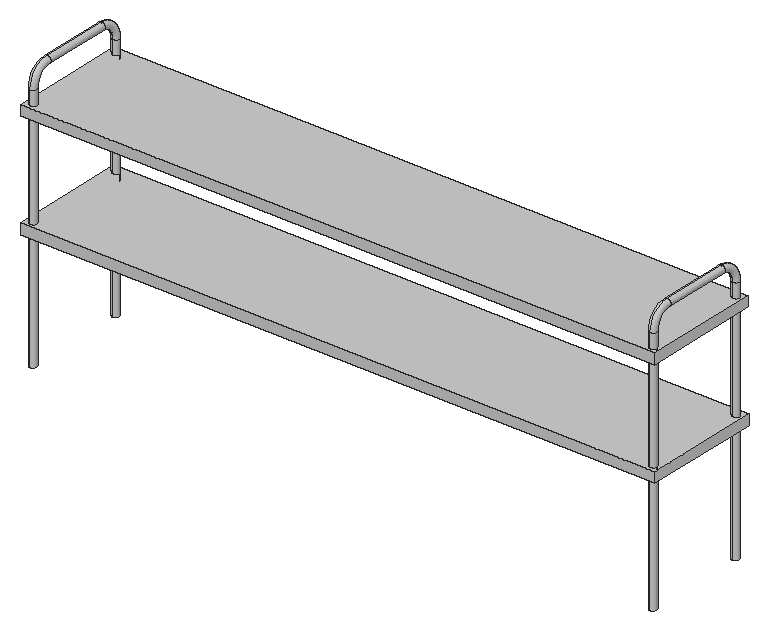
Revit family "QF_INOMAK_RD318_250610014250", category Specialty Equipment, Revit 2021
Family settings
  Round Connector Dimension = Use Diameter
  Part Type = Normal
  OmniClass Number = 23.40.40.14
  OmniClass Title = Food Service Equipment
  Work Plane-Based = No
  Always vertical = Yes
  Cut with Voids When Loaded = No
  Shared = No
  Room Calculation Point = No
Parameters (values of type "RD318")
  Weight [instance] = 18.00 kg
  Warranty Start Date [instance] = ""
  Warranty Duration [instance] = ""
  URL Recommended Spares List [instance] = ""
  URL Manufacturer [instance] = ""
  URL Cutsheet [instance] = ""
  URL Critical Spares List [instance] = ""
  URL = "www.inomak.com"
  Technical Documentation [instance] = ""
  Tag Number [instance] = ""
  Status [instance] = ""
  Specification by User [instance] = ""
  Specification by Manufacturer [instance] = ""
  Sound Level [instance] = ""
  Show Logo [instance] = yes
  Show Clearances [instance] = yes
  Service Life Duration [instance] = ""
  Serial Number [instance] = ""
  Seismic Rating [instance] = ""
  SMACNA No [instance] = ""
  Revision Code [instance] = ""
  Revision [instance] = ""
  Production Year [instance] = ""
  Point Load [instance] = 0
  Other Equipment Approvals [instance] = ""
  NAFEM Spec ID Number [instance] = ""
  Model Warning [instance] = ""
  Model = "RD318"
  Masterspec [instance] = ""
  Manufacturer = "INOMAK"
  Length Actual [instance] = 1792 mm
  Item Number [instance] = ""
  Installed By [instance] = ""
  Installation Date [instance] = ""
  Identify Quantity as Lot [instance] = no
  ID [instance] = ""
  Hygiene Approval [instance] = ""
  Height Actual [instance] = 763 mm
  Furnished By [instance] = ""
  Foodservice Equipment Identifier [instance] = no
  ETL Approved [instance] = no
  Description = "TOP FITTED DOUBLE SHELF"
  Depth Actual [instance] = 332 mm
  Default Elevation = 0 mm
  Cost = 0
  CSI MasterFormat [instance] = ""
  CE Approved [instance] = no
  Barcode [instance] = 0
  Author [instance] = ""
  Asset Identifier [instance] = ""
  Accessory [instance] = no
Reference planes
  plane 1 "Center (Front/Back)": y = 0
  plane 2: z = 0
  plane 3 "Center (Left/Right)": x = 0
Dimensions and locks
  aligned and locked: level to plane 2
Nested families
  nested 1: "QF_INOMAK_GANTRIES_DOUBLE_SHELF_2920" at (0, 0, 0), type "RD318"
    with Weight 18.00 kg, Warranty Start Date "", Warranty Duration "", URL Cutsheet "", Technical Documentation "", Tag Number "", Status "", Specification by User "", Specification by Manufacturer "", Sound Level "", Solid Fuel Type "", Show Logo yes, Show Clearances yes, Service Life Duration "", Serial Number "", Seismic Rating "", SMACNA No "", Revision Code "", Revision "", Production Year "", Point Load 0, Other Equipment Approvals "", NAFEM Spec ID Number "", Model Warning "", Masterspec "", Length Actual 1792 mm, Item Number "", Installed By "", Installation Date "", Identify Quantity as Lot yes, ID "", Hygiene Approval "", Height Actual 763 mm, Furnished By "", Foodservice Equipment Identifier yes, ETL Approved yes, Depth Actual 332 mm, CSI MasterFormat "", CE Approved yes, Barcode "", Author "", Asset Identifier "", Accessory no
Definition of nested family "QF_INOMAK_GANTRIES_DOUBLE_SHELF_2920"
  Parameters (values of type "RD314")
    Weight [instance] = 0.00 kg
    Warranty Start Date [instance] = ""
    Warranty Duration [instance] = ""
    URL Cutsheet [instance] = ""
    URL = "www.inomak.com"
    Technical Documentation [instance] = ""
    Tag Number [instance] = ""
    Status [instance] = ""
    Specification by User [instance] = ""
    Specification by Manufacturer [instance] = ""
    Sound Level [instance] = ""
    Solid Fuel Type [instance] = ""
    Show Logo [instance] = yes
    Show Clearances [instance] = yes
    Service Life Duration [instance] = ""
    Serial Number [instance] = ""
    Seismic Rating [instance] = ""
    SMACNA No [instance] = ""
    Revision Code [instance] = ""
    Revision [instance] = ""
    Production Year [instance] = ""
    Point Load [instance] = 0
    Other Equipment Approvals [instance] = ""
    NAFEM Spec ID Number [instance] = ""
    Model Warning [instance] = ""
    Model = "RD314"
    Masterspec [instance] = ""
    Manufacturer = "INOMAK"
    Length Actual [instance] = 1392 mm
    Item Number [instance] = ""
    Installed By [instance] = ""
    Installation Date [instance] = ""
    Identify Quantity as Lot [instance] = yes
    ID [instance] = ""
    Hygiene Approval [instance] = ""
    Height Actual [instance] = 763 mm
    Furnished By [instance] = ""
    Foodservice Equipment Identifier [instance] = yes
    ETL Approved [instance] = yes
    Description = "TOP FITTED DOUBLE SHELF"
    Depth Actual [instance] = 332 mm
    Default Elevation = 0 mm
    CSI MasterFormat [instance] = ""
    CE Approved [instance] = yes
    Barcode [instance] = ""
    Author [instance] = ""
    Asset Identifier [instance] = ""
    Assembly Code = "E1090320"
    Accessory [instance] = yes
  Types (5, lengths in mm): name | Model | Length Actual
    RD311 | "RD311" | 1092
    RD314 | "RD314" | 1392
    RD316 | "RD316" | 1592
    RD318 | "RD318" | 1792
    RD319 | "RD319" | 1892
  Reference planes
    plane 1 "Back": y = 0
    plane 2: z = 0
    plane 3 "Left": x = 0
    plane 4 "Right": x = 1392
    plane 5 "Front": y = -332
    plane 6 "Top": z = 763
    plane 7: z = 663
    plane 8: z = 363
  Forms (mm)
    Extrusion 1, solid
      sketch origin (0, 0, 663) x (0, 1, 0) y (-1, 0, 0)
        loop
          line (0, 0) -> (-332, 0) -> (-332, -1392) -> (0, -1392) -> (0, 0)
      from 0 to -30
    Sweep 2, solid
      path origin (0, 0, 0) x (0, 1, 0) y (0, 0, 1)
        loop
          line (-20, 0) -> (-20, 703)
          arc (-20, 703) -> (-34.645, 738.355) -> (-70, 753) r 50
          line (-70, 753) -> (-262, 753)
          arc (-262, 753) -> (-297.355, 738.355) -> (-312, 703) r 50
          line (-312, 703) -> (-312, 0)
      profile origin (0, -20, 351.5) x (0, -1, 0) y (1, 0, 0)
        loop
          circle (0, 20) r 10
    Sweep 3, solid
      path origin (1392, -1434.717, 4000) x (0, -1, 0) y (0, 0, 1)
        loop
          line (-1414.717, -4000) -> (-1414.717, -3297)
          arc (-1414.717, -3297) -> (-1400.073, -3261.645) -> (-1364.717, -3247) r 50
          line (-1364.717, -3247) -> (-1172.717, -3247)
          arc (-1172.717, -3247) -> (-1137.362, -3261.645) -> (-1122.717, -3297) r 50
          line (-1122.717, -3297) -> (-1122.717, -4000)
      profile origin (1392, -20, 351.5) x (0, 1, 0) y (-1, 0, 0)
        loop
          circle (0, 20) r 10
    Extrusion 4, solid
      sketch origin (0, 0, 363) x (0, 1, 0) y (-1, 0, 0)
        loop
          line (0, 0) -> (-332, 0) -> (-332, -1392) -> (0, -1392) -> (0, 0)
      from 0 to -30
  Lines and regions (mm)
    symbolic lines
      curve 1: line (0, 0, 0) -> (1392, 0, 0)
      curve 2: line (0, -332, 0) -> (0, 0, 0)
      curve 3: line (1392, -332, 0) -> (0, -332, 0)
      curve 4: line (1392, 0, 0) -> (1392, -332, 0)
      curve 5: arc (10, -20, 0) -> (20, -10, 0) -> (30, -20, 0) r 10
      curve 6: arc (10, -312, 0) -> (20, -322, 0) -> (30, -312, 0) r 10
      curve 7: line (30, -312, 0) -> (30, -20, 0)
      curve 8: line (10, -20, 0) -> (10, -312, 0)
      curve 9: arc (1382, -20, 0) -> (1372, -10, 0) -> (1362, -20, 0) r 10
      curve 10: arc (1382, -312, 0) -> (1372, -322, 0) -> (1362, -312, 0) r 10
      curve 11: line (1362, -312, 0) -> (1362, -20, 0)
      curve 12: line (1382, -20, 0) -> (1382, -312, 0)
  Dimensions and locks
    "Length Actual": plane 3 "Left" to plane 4 "Right"
    "Depth Actual": plane 5 "Front" to plane 1 "Back"
    "Height Actual": plane 6 "Top" to plane 2
    locked: plane 6 "Top" to plane 7 at 100
    locked: plane 7 to plane 8 at 300
    aligned and locked: level to plane 2
  Automatic sketch dimensions
    curve 3 to plane 3 "Left" = 0 mm
    curve 3 to plane 4 "Right" = 0 mm
    curve 3 to plane 5 "Front" = 0 mm
    plane 1 "Back" to curve 2 = 0 mm
    plane 3 "Left" to curve 8 = 10 mm
    curve 6 to curve 6 = 10 mm
    plane 4 "Right" to curve 11 = 30 mm
    curve 9 to curve 9 = 10 mm
    plane 5 "Front" to curve 11 = 20 mm
    plane 5 "Front" to curve 7 = 20 mm
    plane 1 "Back" to curve 7 = 20 mm
    plane 1 "Back" to curve 9 = 20 mm
    Extrusion 1 sketch curve to plane 3 "Left" = 0 mm
    Extrusion 1 sketch curve to plane 5 "Front" = 0 mm
    plane 1 "Back" to Extrusion 1 sketch curve = 0 mm
    Extrusion 1 sketch curve to plane 4 "Right" = 0 mm
    Sweep 2 sketch curve to level = 0 mm  (x2)
    plane 5 "Front" to Sweep 2 sketch curve = 20 mm
    Sweep 2 sketch curve to plane 6 "Top" = 10 mm
    plane 5 "Front" to Sweep 2 sketch curve = 70 mm
    plane 1 "Back" to Sweep 2 sketch curve = 70 mm
    plane 1 "Back" to Sweep 2 sketch curve = 20 mm
    Sweep 2 sketch curve to profile plane = 0 mm
    plane 3 "Left" to Sweep 2 sketch curve = 20 mm
    Sweep 3 sketch curve to level = 0 mm  (x2)
    plane 1 "Back" to Sweep 3 sketch curve = 20 mm
    plane 7 to Sweep 3 sketch curve = 40 mm
    Sweep 3 sketch curve to Sweep 3 sketch curve = 50 mm
    plane 5 "Front" to Sweep 3 sketch curve = 70 mm
    plane 5 "Front" to Sweep 3 sketch curve = 20 mm
    profile plane to Sweep 3 sketch curve = 0 mm
    plane 4 "Right" to Sweep 3 sketch curve = 20 mm
    Extrusion 4 sketch curve to plane 3 "Left" = 0 mm
    Extrusion 4 sketch curve to plane 5 "Front" = 0 mm
    plane 1 "Back" to Extrusion 4 sketch curve = 0 mm
    Extrusion 4 sketch curve to plane 4 "Right" = 0 mm
    radius of Sweep 2 sketch curve = 10 mm
    radius of Sweep 3 sketch curve = 10 mm
